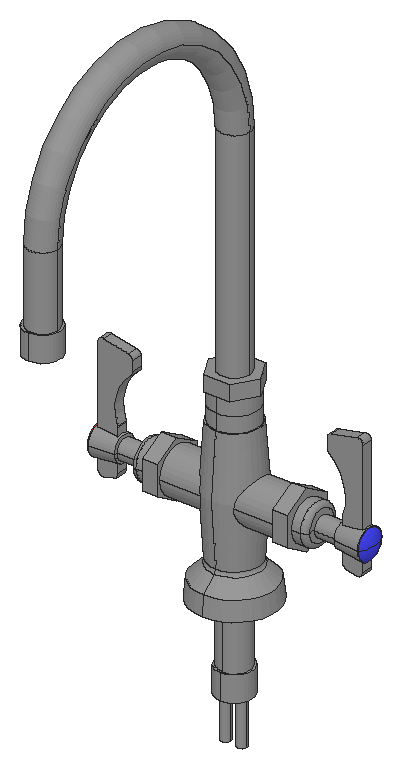
Revit family "Krowne_16-301L_DeckMount_Faucet", category Plumbing Fixtures, Revit 2018
Family settings
  Round Connector Dimension = Use Diameter
  Part Type = Normal
  OmniClass Number = 23.40.40.00
  OmniClass Title = Food Service Equipment and Furnishings
  Work Plane-Based = No
  Always vertical = Yes
  Cut with Voids When Loaded = No
  Shared = No
  Room Calculation Point = No
Parameters (values of type "16-301L")
  Width = 7"
  Weight in Pounds = 5
  Watermarked By = ""
  URL Cutsheet = ""
  URL = "https://krowne.com/"
  Status [instance] = ""
  Specification by User [instance] = ""
  Specification by Manufacturer [instance] = ""
  Serial Number [instance] = ""
  Revision Code [instance] = ""
  NAFEM Spec ID Number [instance] = ""
  Model = "16-301L"
  Masterspec [instance] = ""
  Manufacturer = "Krowne Metal"
  Item Number [instance] = "-"
  Installed By [instance] = ""
  Hot Water Temperature = 100 °F
  Hot Water Size = 1/2"
  Hot Water RI Height = 0"
  Hot Water Flow = 1.8 GPM
  Hot Water Connection Height = 0"
  Height = 13 7/8"
  Furnished By [instance] = ""
  Foodservice Equipment Identifier = yes
  Description = "Single Hole Deck Mount Pantry Faucet with 6\" Wide Gooseneck Spout"
  Depth = 7"
  Cold Water Size = 1/2"
  Cold Water RI Height [instance] = 0"
  Cold Water Flow = 1.8 GPM
  Cold Water Consumption = ""
  Cold Water Connection Height = 0"
  CSI MasterFormat = ""
  Assembly Code = "E1090300"
Reference planes (in)
  plane 1 "BACK": y = 0.0625
  plane 2: z = 0
  plane 3 "LEFT": x = -13.81573
  plane 4 "CENTER L/R": x = -12.56573
  plane 5: y = -0.9375
  plane 6: z = 13.875
  plane 7 "Faucet Lip": z = 8.125
  plane 8: y = -6.9375
  plane 9: z = 5.125
  plane 10: x = -9.06573
  plane 11 "CENTER L/S": x = -11.31573
  plane 12: z = 2.375
  plane 13: x = -16.06573
  plane 14 "CENTER L/T": y = -1.9375
Forms (in)
  Extrusion 1, solid, material "QF_Steel-Chrome-Polished"
    sketch origin (0, 0.5, 8.125) x (0, 1, 0) y (-1, 0, 0)
      loop
        circle (-7.4375, 12.56573) r 0.4375
    from 0 to 0.625
  Sweep 2, solid, material "QF_Steel-Chrome-Polished"
    path origin (-12.56573, 0, 0) x (0, 1, 0) y (0, 0, 1)
      loop
        line (-0.9375, 5.125) -> (-0.9375, 10.5625)
        arc (-0.9375, 10.5625) -> (-3.9375, 13.5625) -> (-6.9375, 10.5625) r 3
        line (-6.9375, 10.5625) -> (-6.9375, 8.1875)
    profile origin (-12.56573, -0.9375, 7.84375) x (0, -1, 0) y (1, 0, 0)
      loop
        circle (0, 0) r 0.375
  Revolve 3, solid, material "QF_Steel-Chrome-Polished"
    sketch origin (-12.56573, 0.1875, 0) x (0, 1, 0) y (0, 0, 1)
      loop
        line (-1.125, 0) -> (-0.125, 0) -> (-0.17096, 0.46529) -> (-0.49693, 0.79126)
        arc (-0.49693, 0.79126) -> (-0.5271, 0.84005) -> (-0.5323, 0.89717) r 0.125
        arc (-0.5323, 0.89717) -> (-0.42343, 2.44221) -> (-0.5323, 3.98724) r 11.01727
        line (-0.5323, 3.98724) -> (-1.125, 3.98724) -> (-1.125, 0)
      axis (-1.125, 0) -> (-1.125, 3.98724)
    angle from 0 to 360
  Extrusion 4, solid, material "QF_Steel-Chrome-Polished"
    sketch origin (-12.87823, 0.1875, -0.125) x (0, 1, 0) y (0, 0, 1)
      loop
        circle (-1.125, 2.5) r 0.5625
    from -1.125 to 1.75
  Revolve 5, solid, material "QF_Steel-Chrome-Polished"
    sketch origin (-12.56573, 0.1875, 0) x (0, 1, 0) y (0, 0, 1)
      loop
        line (-1.125, 0) -> (-1.125, -2.125) -> (-0.6875, -2.125) -> (-0.6875, -1.5) -> (-0.75, -1.5) -> (-0.75, 0) -> (-1.125, 0)
      axis (-1.125, 0) -> (-1.125, -2.125)
    angle from 0 to 360
  Extrusion 6, solid, material "QF_Steel-Chrome-Polished"
    sketch origin (-11.12823, -0.03125, 10.75323) x (0, 1, 0) y (0, 0, 1)
      loop
        line (-0.90625, -7.67139) -> (-1.51839, -8.02481) -> (-1.51839, -8.73164) -> (-0.90625, -9.08506) -> (-0.29411, -8.73164) -> (-0.29411, -8.02481) -> (-0.90625, -7.67139)
    from 0 to 0.375
  Revolve 7, solid, material "QF_Steel-Chrome-Polished"
    sketch origin (-15.12823, -0.03125, 2.375) x (0, 1, 0) y (-1, 0, 0)
      loop
        line (-0.90625, -4.375) -> (-0.90625, -4.75) -> (-0.53125, -4.75)
        arc (-0.53125, -4.75) -> (-0.44286, -4.71339) -> (-0.40625, -4.625) r 0.125
        line (-0.40625, -4.625) -> (-0.40625, -4.375) -> (-0.90625, -4.375)
      axis (-0.90625, -4.375) -> (-0.90625, -4.75)
    angle from 0 to 360
  Revolve 8, solid, material "QF_Steel-Chrome-Polished"
    sketch origin (-15.12823, -0.03125, 2.375) x (0, 1, 0) y (-1, 0, 0)
      loop
        line (-0.90625, -4.75) -> (-0.90625, -5.3125) -> (-0.65625, -5.3125) -> (-0.65625, -4.75) -> (-0.90625, -4.75)
      axis (-0.90625, -4.75) -> (-0.90625, -5.3125)
    angle from 0 to 360
  Revolve 9, solid, material "QF_Steel-Chrome-Polished"
    sketch origin (-15.12823, -0.03125, 2.375) x (0, 1, 0) y (-1, 0, 0)
      loop
        line (-0.90625, -5.3125) -> (-0.90625, -5.9375) -> (-0.53125, -5.9375) -> (-0.59375, -5.3125) -> (-0.90625, -5.3125)
      axis (-0.90625, -5.3125) -> (-0.90625, -5.9375)
    angle from 0 to 360
  Revolve 10, solid, material "QF_Plastic-Blue"
    sketch origin (-15.12823, -0.03125, 2.375) x (0, 1, 0) y (-1, 0, 0)
      loop
        line (-0.90625, -5.9375) -> (-0.90625, -6.0625)
        arc (-0.90625, -6.0625) -> (-0.70704, -6.03513) -> (-0.53125, -5.9375) r 0.54601
        line (-0.53125, -5.9375) -> (-0.90625, -5.9375)
      axis (-0.90625, -5.9375) -> (-0.90625, -6.0625)
    angle from 0 to 360
  Extrusion 11, solid, material "QF_Steel-Chrome-Polished"
    sketch origin (-15.12823, -0.9375, 10.75323) x (0, 0, 1) y (-1, 0, 0)
      loop
        arc (-6.12823, -5.875) -> (-6.03156, -5.82925) -> (-6.00565, -5.72549) r 0.125
        line (-6.00565, -5.72549) -> (-6.13064, -5.10053)
        arc (-6.13064, -5.10053) -> (-6.17396, -5.02837) -> (-6.25321, -5.00004) r 0.125
        line (-6.25321, -5.00004) -> (-6.5031, -5.00004)
        arc (-6.5031, -5.00004) -> (-6.55588, -5.01173) -> (-6.59879, -5.04462) r 0.125
        arc (-6.59879, -5.04462) -> (-7.17151, -5.40979) -> (-7.85017, -5.38199) r 1.13354
        arc (-7.85017, -5.38199) -> (-7.871, -5.37648) -> (-7.89247, -5.37462) r 0.125
        line (-7.89247, -5.37462) -> (-8.92568, -5.37462)
        arc (-8.92568, -5.37462) -> (-9.00493, -5.40295) -> (-9.04825, -5.47511) r 0.125
        line (-9.04825, -5.47511) -> (-9.09832, -5.72549)
        arc (-9.09832, -5.72549) -> (-9.07242, -5.82925) -> (-8.97575, -5.875) r 0.125
        line (-8.97575, -5.875) -> (-6.12823, -5.875)
    from -0.125 to 0.125
  Extrusion 12, solid, material "QF_Steel-Chrome-Polished"
    sketch origin (-14.00323, -0.03125, 10.75323) x (0, 1, 0) y (0, 0, -1)
      loop
        line (-0.90625, 7.67139) -> (-0.29411, 8.02481) -> (-0.29411, 8.73164) -> (-0.90625, 9.08506) -> (-1.51839, 8.73164) -> (-1.51839, 8.02481) -> (-0.90625, 7.67139)
    from 0 to 0.375
  Revolve 13, solid, material "QF_Steel-Chrome-Polished"
    sketch origin (-10.00323, -0.03125, 2.375) x (0, 1, 0) y (-1, 0, 0)
      loop
        line (-0.90625, 4.375) -> (-0.40625, 4.375) -> (-0.40625, 4.625)
        arc (-0.40625, 4.625) -> (-0.44286, 4.71339) -> (-0.53125, 4.75) r 0.125
        line (-0.53125, 4.75) -> (-0.90625, 4.75) -> (-0.90625, 4.375)
      axis (-0.90625, 4.375) -> (-0.90625, 4.75)
    angle from 0 to 360
  Revolve 14, solid, material "QF_Steel-Chrome-Polished"
    sketch origin (-10.00323, -0.03125, 2.375) x (0, 1, 0) y (-1, 0, 0)
      loop
        line (-0.90625, 4.75) -> (-0.65625, 4.75) -> (-0.65625, 5.3125) -> (-0.90625, 5.3125) -> (-0.90625, 4.75)
      axis (-0.90625, 4.75) -> (-0.90625, 5.3125)
    angle from 0 to 360
  Revolve 15, solid, material "QF_Steel-Chrome-Polished"
    sketch origin (-10.00323, -0.03125, 2.375) x (0, 1, 0) y (-1, 0, 0)
      loop
        line (-0.90625, 5.3125) -> (-0.59375, 5.3125) -> (-0.53125, 5.9375) -> (-0.90625, 5.9375) -> (-0.90625, 5.3125)
      axis (-0.90625, 5.3125) -> (-0.90625, 5.9375)
    angle from 0 to 360
  Revolve 16, solid, material "QF_Plastic-Red"
    sketch origin (-10.00323, -0.03125, 2.375) x (0, 1, 0) y (-1, 0, 0)
      loop
        line (-0.90625, 5.9375) -> (-0.53125, 5.9375)
        arc (-0.53125, 5.9375) -> (-0.70704, 6.03513) -> (-0.90625, 6.0625) r 0.54601
        line (-0.90625, 6.0625) -> (-0.90625, 5.9375)
      axis (-0.90625, 5.9375) -> (-0.90625, 6.0625)
    angle from 0 to 360
  Extrusion 17, solid, material "QF_Steel-Chrome-Polished"
    sketch origin (-10.00323, -0.9375, 10.75323) x (0, 0, 1) y (-1, 0, 0)
      loop
        line (-6.12823, 5.875) -> (-8.97575, 5.875)
        arc (-8.97575, 5.875) -> (-9.07242, 5.82925) -> (-9.09832, 5.72549) r 0.125
        line (-9.09832, 5.72549) -> (-9.04825, 5.47511)
        arc (-9.04825, 5.47511) -> (-9.00493, 5.40295) -> (-8.92568, 5.37462) r 0.125
        line (-8.92568, 5.37462) -> (-7.89247, 5.37462)
        arc (-7.89247, 5.37462) -> (-7.871, 5.37648) -> (-7.85017, 5.38199) r 0.125
        arc (-7.85017, 5.38199) -> (-7.17151, 5.40979) -> (-6.59879, 5.04462) r 1.13354
        arc (-6.59879, 5.04462) -> (-6.55588, 5.01173) -> (-6.5031, 5.00004) r 0.125
        line (-6.5031, 5.00004) -> (-6.25321, 5.00004)
        arc (-6.25321, 5.00004) -> (-6.17396, 5.02837) -> (-6.13064, 5.10053) r 0.125
        line (-6.13064, 5.10053) -> (-6.00565, 5.72549)
        arc (-6.00565, 5.72549) -> (-6.03156, 5.82925) -> (-6.12823, 5.875) r 0.125
    from -0.125 to 0.125
  Revolve 18, solid, material "QF_Steel-Chrome-Polished"
    sketch origin (-11.25165, -0.9375, 0) x (1, 0, 0) y (0, 0, -1)
      loop
        line (-1.125, 3.25) -> (-1.125, 2.125) -> (-1.0056, 2.125) -> (-1.0056, 3.25) -> (-1.125, 3.25)
      axis (-1.125, 2.125) -> (-1.125, 3.25)
    angle from 0 to 360
  Revolve 19, solid, material "QF_Steel-Chrome-Polished"
    sketch origin (-11.65948, -0.9375, 0) x (1, 0, 0) y (0, 0, -1)
      loop
        line (-1.125, 3.25) -> (-1.125, 2.125) -> (-1.0056, 2.125) -> (-1.0056, 3.25) -> (-1.125, 3.25)
      axis (-1.125, 2.125) -> (-1.125, 3.25)
    angle from 0 to 360
  Extrusion 20, solid, material "QF_Steel-Chrome-Polished"
    sketch origin (0, 0, 4.375) x (0, 1, 0) y (-1, 0, 0)
      loop
        circle (-0.9375, 12.56573) r 0.5625
    from 0 to 0.375
  Extrusion 21, solid, material "QF_Steel-Chrome-Polished"
    sketch origin (0, 0, 4.75) x (0, 1, 0) y (-1, 0, 0)
      loop
        line (-0.9375, 11.91391) -> (-0.37301, 12.23982) -> (-0.37301, 12.89163) -> (-0.9375, 13.21754) -> (-1.50199, 12.89163) -> (-1.50199, 12.23982) -> (-0.9375, 11.91391)
    from 0 to 0.375
  Extrusion 22, solid, material "QF_Steel-Chrome-Polished"
    sketch origin (0, 0, 3.98724) x (0, 1, 0) y (-1, 0, 0)
      loop
        circle (-0.9375, 12.56573) r 0.5551
    from 0 to 0.38776
Cuts and joins
  joined: Extrusion 1, Sweep 2
  joined: Revolve 15, Extrusion 17
  joined: Revolve 9, Extrusion 11
Lines and regions (in)
  symbolic lines
    curve 1: arc (-12.94073, -0.9375, 0) -> (-12.56573, -0.5625, 0) -> (-12.19073, -0.9375, 0) r 0.375
    curve 2: arc (-12.94073, -6.9375, 0) -> (-12.83089, -7.20267, 0) -> (-12.56573, -7.3125, 0) r 0.375
    curve 3: arc (-12.56573, -7.3125, 0) -> (-12.30056, -7.20267, 0) -> (-12.19073, -6.9375, 0) r 0.375
    curve 4: line (-12.94073, -6.9375, 0) -> (-12.94073, -0.9375, 0)
    curve 5: line (-12.19073, -0.9375, 0) -> (-12.19073, -6.9375, 0)
    curve 6: arc (-12.56573, 0.0625, 0) -> (-12.09802, -0.05362, 0) -> (-11.73893, -0.375, 0) r 1
    curve 7: arc (-12.94073, -1.86452, 0) -> (-13.19366, -1.71577, 0) -> (-13.39252, -1.5, 0) r 1
    curve 8: arc (-12.94073, -1.55954, 0) -> (-12.56573, -0.21296, 0) -> (-12.19073, -1.55954, 0) r 0.72551
    curve 9: line (-14.00323, -0.375, 0) -> (-14.00323, -1.5, 0)
    curve 10: line (-14.00323, -1.5, 0) -> (-13.02512, -1.5, 0)
    curve 11: line (-14.00323, -0.375, 0) -> (-13.02274, -0.375, 0)
    curve 12: line (-11.12823, -0.375, 0) -> (-11.12823, -1.5, 0)
    curve 13: line (-11.12823, -1.5, 0) -> (-12.10633, -1.5, 0)
    curve 14: line (-11.12823, -0.375, 0) -> (-12.10871, -0.375, 0)
    curve 15: arc (-13.39252, -0.375, 0) -> (-13.03343, -0.05362, 0) -> (-12.56573, 0.0625, 0) r 1
    curve 16: arc (-11.73893, -1.5, 0) -> (-11.93779, -1.71577, 0) -> (-12.19073, -1.86452, 0) r 1
    curve 17: line (-14.00323, -0.45036, 0) -> (-14.37823, -0.45036, 0)
    curve 18: line (-14.37823, -0.45036, 0) -> (-14.37823, -1.42464, 0)
    curve 19: line (-14.37823, -1.42464, 0) -> (-14.00323, -1.42464, 0)
    curve 20: line (-14.37823, -0.4375, 0) -> (-14.60737, -0.4375, 0)
    curve 21: line (-14.75575, -0.58588, 0) -> (-14.75575, -1.31956, 0)
    curve 22: line (-14.37823, -1.4375, 0) -> (-14.63781, -1.4375, 0)
    curve 23: arc (-14.60737, -0.4375, 0) -> (-14.71229, -0.48096, 0) -> (-14.75575, -0.58588, 0) r 0.14838
    curve 24: arc (-14.63781, -1.4375, 0) -> (-14.72121, -1.40295, 0) -> (-14.75575, -1.31956, 0) r 0.11794
    curve 25: line (-15.87823, -1.0625, 0) -> (-15.00327, -1.0625, 0)
    curve 26: line (-15.87823, -0.8125, 0) -> (-15.87823, -1.0625, 0)
    curve 27: line (-15.00327, -0.8125, 0) -> (-15.87823, -0.8125, 0)
    curve 28: line (-15.00327, -1.0625, 0) -> (-15.00327, -0.8125, 0)
    curve 29: line (-15.31573, -0.8125, 0) -> (-15.31573, -0.625, 0)
    curve 30: line (-15.31573, -0.625, 0) -> (-15.94073, -0.5625, 0)
    curve 31: line (-15.94073, -0.5625, 0) -> (-15.94073, -1.3125, 0)
    curve 32: line (-15.94073, -1.3125, 0) -> (-15.31573, -1.25, 0)
    curve 33: line (-15.31573, -1.25, 0) -> (-15.31573, -1.0625, 0)
    curve 34: line (-15.31573, -1.19301, 0) -> (-14.75575, -1.19301, 0)
    curve 35: line (-15.31573, -0.68191, 0) -> (-14.75575, -0.68191, 0)
    curve 36: arc (-15.94073, -1.3125, 0) -> (-16.06573, -0.9375, 0) -> (-15.94073, -0.5625, 0) r 0.625
    curve 37: line (-11.12823, -0.45036, 0) -> (-10.75323, -0.45036, 0)
    curve 38: line (-10.75323, -0.45036, 0) -> (-10.75323, -1.42464, 0)
    curve 39: line (-10.75323, -1.42464, 0) -> (-11.12823, -1.42464, 0)
    curve 40: line (-10.75323, -0.4375, 0) -> (-10.52408, -0.4375, 0)
    curve 41: line (-10.3757, -0.58588, 0) -> (-10.3757, -1.31956, 0)
    curve 42: line (-10.75323, -1.4375, 0) -> (-10.49364, -1.4375, 0)
    curve 43: arc (-10.52408, -0.4375, 0) -> (-10.41916, -0.48096, 0) -> (-10.3757, -0.58588, 0) r 0.14838
    curve 44: arc (-10.49364, -1.4375, 0) -> (-10.41024, -1.40295, 0) -> (-10.3757, -1.31956, 0) r 0.11794
    curve 45: line (-9.25323, -1.0625, 0) -> (-10.12819, -1.0625, 0)
    curve 46: line (-9.25323, -0.8125, 0) -> (-9.25323, -1.0625, 0)
    curve 47: line (-10.12819, -0.8125, 0) -> (-9.25323, -0.8125, 0)
    curve 48: line (-10.12819, -1.0625, 0) -> (-10.12819, -0.8125, 0)
    curve 49: line (-9.81573, -0.8125, 0) -> (-9.81573, -0.625, 0)
    curve 50: line (-9.81573, -0.625, 0) -> (-9.19073, -0.5625, 0)
    curve 51: line (-9.19073, -0.5625, 0) -> (-9.19073, -1.3125, 0)
    curve 52: line (-9.19073, -1.3125, 0) -> (-9.81573, -1.25, 0)
    curve 53: line (-9.81573, -1.25, 0) -> (-9.81573, -1.0625, 0)
    curve 54: line (-9.81573, -1.19301, 0) -> (-10.3757, -1.19301, 0)
    curve 55: line (-9.81573, -0.68191, 0) -> (-10.3757, -0.68191, 0)
    curve 56: arc (-9.19073, -1.3125, 0) -> (-9.06573, -0.9375, 0) -> (-9.19073, -0.5625, 0) r 0.625
    curve 57: line (-11.91391, -0.9375, 0) -> (-12.23982, -0.37301, 0)
    curve 58: line (-12.23982, -0.37301, 0) -> (-12.89163, -0.37301, 0)
    curve 59: line (-12.89163, -0.37301, 0) -> (-13.21754, -0.9375, 0)
    curve 60: line (-13.21754, -0.9375, 0) -> (-12.94073, -1.41696, 0)
    curve 61: line (-12.19073, -1.41696, 0) -> (-11.91391, -0.9375, 0)
Dimensions and locks (in)
  plane 8 to plane 5 = 6"
  plane 7 "Faucet Lip" to plane 9 = 3"
  plane 5 to plane 1 "BACK" = 1"
  plane 6 to plane 9 = 8 3/4"
  plane 3 "LEFT" to plane 10 = 4 3/4"
  plane 11 "CENTER L/S" to plane 3 "LEFT" = 2 1/2"
  plane 12 to level = 2 3/8"
  plane 10 to plane 13 = 7"
  plane 6 to level = 13 7/8"
  plane 7 "Faucet Lip" to level = 8 1/8"
  plane 1 "BACK" to plane 14 "CENTER L/T" = 2"
  plane 5 to plane 8 = 6"
  aligned and locked: level to plane 2
  aligned and locked: Sweep 2 sketch curve to plane 8
  aligned and locked: Revolve 7 sketch curve to Extrusion 6
  aligned and locked: Revolve 9 sketch curve to Revolve 9 sketch curve
  aligned and locked: Extrusion 12 to Revolve 13 sketch curve
  aligned and locked: Revolve 15 sketch curve to Revolve 15 sketch curve
Connectors (in)
  piping at (-12.37665, -0.9375, -3.25), diameter 0.5, driven by "Cold Water Size", driven by "Cold Water Flow"
    settings: on Revolve 18, index 1, connector inside diameter 24", connector length 0", flow factor 0, pipe flow 1.8 GPM, pressure drop 0.00 psi, fitting loss kfactor 0, connector angle 0.00°, fixture units 0, engagement length 0", angle of deflection 0.00°, flow configuration 0, flow direction 0, fitting loss method 0, system type 20, joint type 0, gender type 0, connector reference index -1, connector utility 0, adjustable connector no, is connector primary yes, connector description ""
  piping at (-12.78448, -0.9375, -3.25), diameter 0.5, driven by "Hot Water Size", driven by "Hot Water Flow"
    settings: on Revolve 19, index 2, connector inside diameter 24", connector length 0", flow factor 0, pipe flow 1.8 GPM, pressure drop 0.00 psi, fitting loss kfactor 0, connector angle 0.00°, fixture units 0, engagement length 0", angle of deflection 0.00°, flow configuration 0, flow direction 0, fitting loss method 0, system type 19, joint type 0, gender type 0, connector reference index -1, connector utility 0, adjustable connector no, is connector primary no, connector description ""
